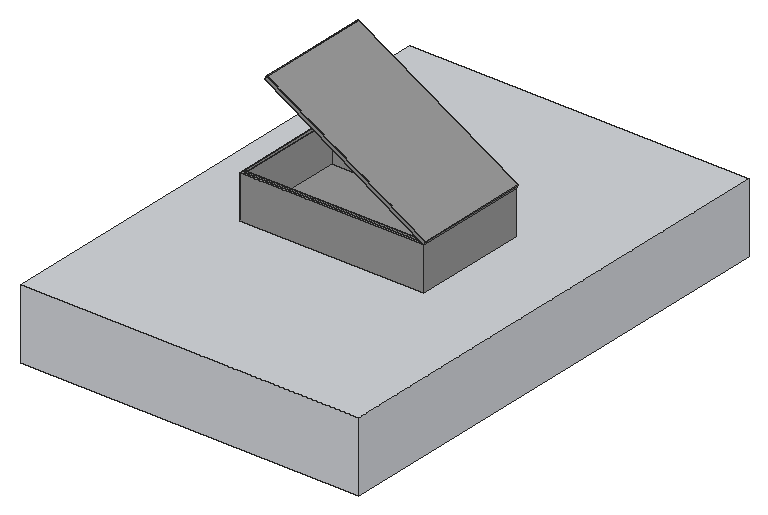
Revit family "Hager-Univers-IP44-D205-Cl.I-H500_Base-CH-fr", category Equipement électrique, Revit 2020
Family settings
  Hôte = Face
  Configuration du panneau = Deux colonnes, circuits au sein
  Cote de connecteur circulaire = Utiliser le diamètre
  Type d'élément = Tableau de raccordement
  Couper avec des vides une fois chargée = Non
  Partagée = Non
  Point de calcul de pièce = Non
Parameters (values of type "saillie IP44 L800 H500 P205  - ZB013T")
  Width Control [instance] = if([EF000008 - largeur] > Min Width, [EF000008 - largeur], Min Width)  # 800 mm
  Commentaires du type = [HG000003 - Gamme]  # "Univers"
  Thickness Door [instance] = if([EF009171 - épaisseur de matériau de la porte/du couvercle] > 3 mm, 3 mm, [EF009171 - épaisseur de matériau de la porte/du couvercle])  # 1 mm
  Seal Frame Offset [instance] = 17 mm  # constant formula
  Plinth Visibility [instance] = [HG000027 - Hauteur du socle] > 0 mm  # no
  Model = ""
  Min Width [instance] = 100 mm  # constant formula
  Min Height [instance] = 100 mm  # constant formula
  Min Depth [instance] = (2 * [EF009170 - épaisseur de matériau du boîtier]) + 1 mm  # 3 mm
  Internal Frame Depth [instance] = (Door System Depth * 0.5)  # 9 mm
  Height Control [instance] = if([EF000040 - hauteur] > Min Height, [EF000040 - hauteur], Min Height)  # 500 mm
  HG000027 - Hauteur du socle = 0 mm
  HG000026 - Installation au sol = no
  HG000024 - Hauteur de la section basse = 800 mm
  HG000023 - Armoire double section = no
  HG000016 - Visibilité de la porte 3D [instance] = yes
  HG000015 - Visibilité de l'emprise de la porte [instance] = no
  HG000014 - Porte à droite [instance] = yes
  HG000013 - Porte à gauche [instance] = not([HG000014 - Porte à droite])  # no
  HG000012 - Angle de pivotement de la porte [instance] = 30.00°
  HG000010 - Portes asymétriques = no
  HG000009 - Porte à double battant = no
  HG000006 - Encastré = no
  HG000004 - Référence fabricant = "ZB013T"
  HG000003 - Gamme = "Univers"
  HG000002 - avec porte = yes
  Frame Offset Bottom [instance] = 10 mm  # constant formula
  Frame Offset [instance] = 15 mm  # constant formula
  EF015940 - couvercle avec décharge de pression = no
  EF011959 - degré de protection (NEMA) = ""
  EF009554 - nombre d'ouvertures pour plaques à bride = 0
  Fabricant = "Hager"  # constant formula
  EF009212 - finition du couvercle = "EV000116 - fermé"
  EF009171 - épaisseur de matériau de la porte/du couvercle = 1 mm
  EF009170 - épaisseur de matériau du boîtier = 1 mm
  EF008873 - courant nominal (In) = 250 A
  EF007800 - adapté à un parafoudre = no
  EF006306 - avec serrure = no
  EF006244 - couvercle/porte transparent(e) = no
  EF005474 - indice de protection (IP) = "EV006418 - IP44"
  EF004464 - type de porte = "EV003602 - double"
  EF004427 - nombre de modules = 0
  EF004293 - indice de protection contre les chocs (IK) = "EV006815 - IK09"
  EF003532 - convient pour utilisation à l’extérieur = no
  EF002950 - largeur en nombre de modules = 0
  EF001613 - maintien de fonction = "EV000494 - sans"
  EF001596 - matériau du boîtier/corps = "EV000179 - acier"
  EF001131 - profondeur intérieure = 0 mm
  EF001088 - possibilité de montage en saillie = yes
  EF000437 - nombre d'entrées de conduit = 0
  EF000339 - type de capot = "EV004216 - porte"
  EF000266 - nombre de rangées = 0
  EF000218 - profondeur d'encastrement = 0 mm
  EF000118 - avec cadre/support de montage = no
  EF000116 - numéro RAL = "9010"
  EF000049 - profondeur = 205 mm
  EF000040 - hauteur = 500 mm
  EF000008 - largeur = 800 mm
  EF000007 - couleur = "EV000202 - blanc"
  EF000003 - mode de pose = "EV000384 - saillie"
  Door System Leaf Tolerance [instance] = 1.5 mm  # constant formula
  Door System Depth [instance] = 18 mm  # constant formula
  Door Height [instance] = Height Control - [HG000027 - Hauteur du socle]  # 500 mm
  Depth Control [instance] = if([EF000049 - profondeur] > Min Depth, [EF000049 - profondeur], Min Depth)  # 205 mm
  Default Elevation = 0 mm
  Connector Offset [instance] = Height Control / 2  # 250 mm
  Bottom Top Plate Trim [instance] = 1.5 mm  # constant formula
  Plinth height Ctrl [instance] = if([HG000027 - Hauteur du socle] > 0 mm, [HG000027 - Hauteur du socle], 12 mm)  # 12 mm
Types (2, lengths in mm): name | Width Control | HG000004 - Référence fabricant | EF004464 - type de porte | EF000008 - largeur
  saillie IP44 L550 H500 P205  - ZB012T | 550 | "ZB012T" | "EV002646 - unique" | 550
  saillie IP44 L800 H500 P205  - ZB013T | 800 | "ZB013T" | "EV003602 - double" | 800
Reference planes
  plane 1 "Center (Front/Back)": y = 0
  plane 2: z = 0
  plane 3 "Center (Left/Right)": x = 0
  plane 4: z = 205
  plane 5: y = 1
  plane 6: y = 250
  plane 7: y = 0
  plane 8: y = 500
  plane 9: z = 0
  plane 10: x = -385
  plane 11: x = 385
  plane 12: x = 384
  plane 13: x = -384
  plane 14: y = 499
  plane 15: x = -383
  plane 16: x = -400
  plane 17: x = 383
  plane 18: x = 400
  plane 19: x = 399
  plane 20: x = -399
  plane 21: y = 11
  plane 22: y = 500
  plane 23: y = 484
  plane 24: z = 187
  plane 25: z = 1
  plane 26: z = 186
  plane 27: z = 204
Forms (mm)
  Extrusion 1, solid
    sketch origin (0, 0, 0) x (1, 0, 0) y (0, 1, 0)
      loop
        line (-702.964, 1305) -> (-702.964, -811.445) -> (766.763, -811.445) -> (766.763, 1305) -> (-702.964, 1305)
    from 0 to -304.8
  Extrusion 2, solid, material "Hager_Steel_RAL7035_Light_Grey", visible <- "Plinth Visibility", detail levels medium+fine
    sketch origin (0, 0, 0) x (1, 0, 0) y (0, 1, 0)
      loop
        line (-400, 0) -> (400, 0) -> (400, 12) -> (-400, 12) -> (-400, 0)
    from 0 to 187
  Extrusion 3, solid, material "Hager_Steel_RAL7035_Light_Grey", detail levels medium+fine
    sketch origin (0, 0, 0) x (1, 0, 0) y (0, 1, 0)
      loop
        line (-400, 0) -> (400, 0) -> (400, 500) -> (-400, 500) -> (-400, 0)
    from 0 to 187
  Extrusion 4, void
    sketch origin (0, 0, 0) x (1, 0, 0) y (0, 1, 0)
      loop
        line (-399, 1) -> (399, 1) -> (399, 499) -> (-399, 499) -> (-399, 1)
    from 1 to 186
  Extrusion 5, void
    sketch origin (-381.607, -4572, 187) x (0, -1, 0) y (-1, 0, 0)
      loop
        line (-4583, 2.393) -> (-5056, 2.393) -> (-5056, -765.607) -> (-4583, -765.607) -> (-4583, 2.393)
    from 0 to 1 <- "EF009170 - épaisseur de matériau du boîtier"
  Extrusion 6, solid, material "Hager_Steel_RAL7035_Light_Grey", detail levels fine
    sketch origin (0, 0, 187) x (1, 0, 0) y (0, 1, 0)
      loop
        line (-384, 484) -> (-384, 11) -> (384, 11) -> (384, 484) -> (-384, 484)
      loop
        line (-385, 10) -> (385, 10) -> (385, 485) -> (-385, 485) -> (-385, 10)
    from 0 to 9 <- "Internal Frame Depth"
  Extrusion 7, solid, material "Hager_Steel_RAL7035_Light_Grey", detail levels coarse
    sketch origin (0, 0, 0) x (1, 0, 0) y (0, 1, 0)
      loop
        line (-400, 0) -> (400, 0) -> (400, 500) -> (-400, 500) -> (-400, 0)
    from 0 to 205
  Sweep 8, void
    path in 3D
      loop
        line (-400, 12, 0) -> (400, 12, 0) -> (400, 12, 187) -> (-400, 12, 187) -> (-400, 12, 0)
    profile origin (-400, 12, 93.5) x (-1, 0, 0) y (0, -1, 0)
      loop
        line (0, 0) -> (0, 1.5) -> (-1.5, 1.5)
        arc (-1.5, 1.5) -> (-1.061, 0.439) -> (0, 0) r 1.5
Cuts and joins
  Extrusion 4, Extrusion 5 cuts Extrusion 3
  Sweep 8 cuts Extrusion 2
Lines and regions (mm)
  Masking region 1
    outline origin (0, 0, 0) x (1, 0, 0) y (0, 0, 1)
      loop
        line (-400, 205) -> (-400, 0) -> (400, 0) -> (400, 205) -> (-400, 205)
  Masking region 2, detail levels medium+fine
    outline origin (0, 140, 0) x (0, 1, 0) y (0, 0, 1)
      loop
        line (-140, 0) -> (360, 0) -> (360, 187) -> (-140, 187) -> (-140, 0)
  Masking region 3, not visible, detail levels medium+fine
    outline origin (0, 297.922, 0) x (0, 1, 0) y (0, 0, 1)
      loop
        line (-36.422, 0) -> (3.578, 0) -> (3.578, 194)
        arc (3.578, 194) -> (0.649, 201.071) -> (-6.422, 204) r 10
        line (-6.422, 204) -> (-36.422, 204) -> (-36.422, 0)
  Masking region 4, detail levels coarse
    outline origin (0, 0, 180) x (0, 1, 0) y (0, 0, 1)
      loop
        line (0, -180) -> (500, -180) -> (500, 25) -> (0, 25) -> (0, -180)
  Masking region 5, visible <- "Plinth Visibility", detail levels medium+fine
    outline origin (0, 52.24, 12.345) x (0, 0, -1) y (0, 1, 0)
      loop
        line (10.845, -40.24) -> (-173.155, -40.24)
        arc (-173.155, -40.24) -> (-173.594, -41.301) -> (-174.655, -41.74) r 1.5
        line (-174.655, -41.74) -> (-174.655, -52.24) -> (12.345, -52.24) -> (12.345, -41.74)
        arc (12.345, -41.74) -> (11.285, -41.301) -> (10.845, -40.24) r 1.5
  Masking region 6, detail levels medium+fine
    outline origin (-381.607, -4572, 187) x (-1, 0, 0) y (0, -1, 0)
      loop
        line (18.393, -5072) -> (18.393, -4572) -> (-781.607, -4572) -> (-781.607, -5072) -> (18.393, -5072)
  Masking region 7, visible <- "Plinth Visibility", detail levels medium+fine
    outline origin (-381.607, -4727, 187) x (-1, 0, 0) y (0, -1, 0)
      loop
        arc (16.893, -4739) -> (17.332, -4737.939) -> (18.393, -4737.5) r 1.5
        line (18.393, -4737.5) -> (18.393, -4727) -> (-781.607, -4727) -> (-781.607, -4737.5)
        arc (-781.607, -4737.5) -> (-780.546, -4737.939) -> (-780.107, -4739) r 1.5
        line (-780.107, -4739) -> (16.893, -4739)
  Masking region 8, detail levels coarse
    outline origin (-442.548, -4669.526, 187) x (-1, 0, 0) y (0, -1, 0)
      loop
        line (-42.548, -5169.526) -> (-42.548, -4669.526) -> (-842.548, -4669.526) -> (-842.548, -5169.526) -> (-42.548, -5169.526)
  sketch lines
    curve 1: line (-400, 12, 187) -> (-400, 12, 0)
    curve 2: line (400, 12, 187) -> (-400, 12, 187)
    curve 3: line (400, 12, 187) -> (400, 12, 0)
    curve 4: line (-400, 12, 0) -> (400, 12, 0)
Dimensions and locks
  "Depth Control": plane 4 to Extrusion 1
  "HG000027 - Hauteur du socle": plane 1 "Center (Front/Back)" to plane 7
  "EF009170 - épaisseur de matériau du boîtier": plane 5 to plane 7
  locked: connector elem to plane 3 "Center (Left/Right)"
  equal spacing: plane 8, plane 6, plane 7
  locked: connector elem to plane 6
  "EF009170 - épaisseur de matériau du boîtier": plane 8 to plane 14
  "EF009170 - épaisseur de matériau du boîtier": plane 10 to plane 13
  "EF009170 - épaisseur de matériau du boîtier": plane 12 to plane 11
  "Frame Offset": plane 20 to plane 13
  "Frame Offset": plane 12 to plane 19
  "EF009170 - épaisseur de matériau du boîtier": plane 16 to plane 20
  "EF009170 - épaisseur de matériau du boîtier": plane 19 to plane 18
  "Seal Frame Offset": plane 16 to plane 15
  "Seal Frame Offset": plane 17 to plane 18
  "Frame Offset Bottom": plane 21 to plane 5
  "Frame Offset": plane 14 to plane 23
  equal spacing: plane 16, plane 3 "Center (Left/Right)", plane 18
  "Width Control": plane 16 to plane 18
  "EF009170 - épaisseur de matériau du boîtier": plane 4 to plane 27
  "EF009170 - épaisseur de matériau du boîtier": plane 24 to plane 26
  "EF009170 - épaisseur de matériau du boîtier": plane 25 to level
  "Door System Depth": plane 4 to plane 24
  "Height Control": plane 1 "Center (Front/Back)" to Extrusion 7 sketch curve
  "Height Control": Masking region 4 sketch curve to plane 1 "Center (Front/Back)"
  "Height Control": plane 1 "Center (Front/Back)" to plane 22
  "Bottom Top Plate Trim": profile plane to Sweep 8 sketch curve
  "Bottom Top Plate Trim": Sweep 8 sketch curve to profile plane
  "Plinth height Ctrl": plane 1 "Center (Front/Back)" to Extrusion 2 sketch curve
  "Plinth height Ctrl": Masking region 5 sketch curve to plane 1 "Center (Front/Back)"
  "Plinth height Ctrl": plane 1 "Center (Front/Back)" to Masking region 7 sketch curve
  "Thickness Door": Extrusion 6 sketch curve to Extrusion 6 sketch curve  (x3)
  "Thickness Door": cut or joined group of Extrusion 3, Extrusion 4, Extrusion 5 to Extrusion 6 sketch curve
  radius of Masking region 3 sketch curve = 10 mm
  "Bottom Top Plate Trim": radius of Masking region 5 sketch curve  (x2)
  "Bottom Top Plate Trim": radius of Sweep 8 sketch curve
  "Bottom Top Plate Trim": radius of Masking region 7 sketch curve  (x2)
  aligned and locked: plane 2 to Extrusion 1
  aligned and locked: level to Extrusion 1
  aligned and locked: level to Masking region 1 sketch curve
  aligned and locked: Masking region 1 sketch curve to plane 18
  aligned and locked: Masking region 1 sketch curve to plane 16
  aligned and locked: plane 7 to Masking region 2 sketch curve
  aligned and locked: level to Masking region 3 sketch curve
  aligned and locked: Masking region 3 sketch curve to plane 27
  aligned and locked: level to Masking region 2 sketch curve
  aligned and locked: plane 1 "Center (Front/Back)" to Extrusion 2 sketch curve
  aligned and locked: Extrusion 3 sketch curve to plane 7
  aligned and locked: plane 16 to Extrusion 3 sketch curve
  aligned and locked: plane 18 to Extrusion 3 sketch curve
  aligned and locked: plane 20 to Extrusion 4 sketch curve
  aligned and locked: plane 19 to Extrusion 4 sketch curve
  aligned and locked: Extrusion 4 sketch curve to plane 5
  aligned and locked: Extrusion 4 to plane 25
  aligned and locked: plane 26 to Extrusion 4
  aligned and locked: plane 24 to Extrusion 3
  aligned and locked: Extrusion 5 sketch curve to plane 21
  aligned and locked: Extrusion 5 sketch curve to plane 13
  aligned and locked: Extrusion 5 sketch curve to plane 12
  aligned and locked: plane 18 to Extrusion 7 sketch curve
  aligned and locked: plane 1 "Center (Front/Back)" to Extrusion 7 sketch curve
  aligned and locked: plane 16 to Extrusion 7 sketch curve
  aligned and locked: plane 4 to Extrusion 7
  aligned and locked: Extrusion 7 to level
  aligned and locked: level to Masking region 4 sketch curve
  aligned and locked: Masking region 4 sketch curve to plane 1 "Center (Front/Back)"
  aligned and locked: Masking region 4 sketch curve to plane 4
  aligned and locked: nested 1 to level
  aligned and locked: nested 1 to plane 16
  aligned and locked: plane 8 to Extrusion 3 sketch curve
  aligned and locked: plane 23 to Extrusion 5 sketch curve
  aligned and locked: plane 14 to Extrusion 4 sketch curve
  aligned and locked: Masking region 2 sketch curve to plane 8
  aligned and locked: level to Masking region 5 sketch curve
  aligned and locked: plane 16 to Extrusion 2 sketch curve
  aligned and locked: plane 18 to Extrusion 2 sketch curve
  aligned and locked: Masking region 5 sketch curve to plane 24
  aligned and locked: Masking region 2 sketch curve to plane 24
  aligned and locked: plane 24 to Extrusion 2
  aligned and locked: profile plane to Sweep 8 sketch curve  (x2)
  aligned and locked: Masking region 6 sketch curve to plane 18
  aligned and locked: Masking region 6 sketch curve to plane 22
  aligned and locked: Masking region 6 sketch curve to plane 16
  aligned and locked: plane 8 to plane 22
  aligned and locked: Masking region 6 sketch curve to plane 7
  aligned and locked: Masking region 7 sketch curve to plane 16
  aligned and locked: Masking region 7 sketch curve to plane 1 "Center (Front/Back)"
  aligned and locked: Masking region 7 sketch curve to plane 18
  aligned and locked: Masking region 8 sketch curve to plane 1 "Center (Front/Back)"
  aligned and locked: Masking region 8 sketch curve to plane 18
  aligned and locked: Masking region 8 sketch curve to plane 22
  aligned and locked: Masking region 8 sketch curve to plane 16
  aligned and locked: nested 2 to plane 7
  aligned and locked: plane 3 "Center (Left/Right)" to nested 2
  aligned and locked: nested 2 to plane 24
  aligned and locked: Extrusion 6 sketch curve to cut or joined group of Extrusion 3, Extrusion 4, Extrusion 5  (x4)
Automatic sketch dimensions
  Extrusion 1 sketch curve to Extrusion 1 sketch curve = 1469.727 mm
  Extrusion 1 sketch curve to Extrusion 1 sketch curve = 2116.445 mm
  Masking region 1 sketch curve to plane 4 = 0 mm
  plane 6 to Masking region 3 sketch curve = 11.5 mm
  Masking region 3 sketch curve to Masking region 3 sketch curve = 30 mm
  Masking region 5 sketch curve to plane 1 "Center (Front/Back)" = 0 mm
Nested families
  nested 1: "Hager_Enclosure_Symbol" at (-400, 0, 0) x (1, 0, 0) z (0, -1, 0), Height <- "Depth Control", Width <- "Width Control", type "Hager_Enclosure_Symbol"
    with Width_Ctrl 800 mm, Width 800 mm, Height_Ctrl 205 mm, Height 205 mm, A_Width_Int 13.453 mm, A_Width 161.438 mm, A_Height_Ctrl 179.375 mm, A_Height 179.375 mm
  nested 2: "EC000058_Univers_Door" at (0, 0, 187) x (1, 0, 0) z (0, 1, 0), Leaf_Tolerance <- "Door System Leaf Tolerance", Angle <- "HG000012 - Angle de pivotement de la porte", Door_Depth <- "Door System Depth", Door_Left <- "HG000013 - Porte à gauche", Transparent <- "EF006244 - couvercle/porte transparent(e)", Assymetrical <- "HG000010 - Portes asymétriques", Width <- "Width Control", Clearance <- "HG000015 - Visibilité de l'emprise de la porte", Double <- "HG000009 - Porte à double battant", 3d_Door <- "HG000016 - Visibilité de la porte 3D", Lock_Visibility <- "EF006306 - avec serrure", Width_Ctrl <- "Width Control", Door_Right <- "HG000014 - Porte à droite", Door <- "HG000002 - avec porte", Height <- "Door Height", Thickness <- "Thickness Door", type "EC000058_Univers_Door", detail levels medium+fine
    with min_wh 3 mm, Width_Ctrl 800 mm, Width 800 mm, Transparent no, Thickness 1 mm, Seal_Material Hager_Rubber, Lock_Visibility no, Lock_Material Hager_Plastic_RAL9005_Jet_Black, Leaf_Width 800 mm, Leaf_Tolerance_External_Sides 0 mm, Leaf_Tolerance 1.5 mm, Leaf_Offset 0 mm, Leaf_Height 497 mm, Leaf_2_Width 800 mm, Leaf_2_Offset 400 mm, Leaf_1_Width 800 mm, Leaf_1_Offset 400 mm, Height_Ctrl 500 mm, Height 500 mm, Glass_Material Hager_Glass, Double_Clearance_Ctrl no, Double no, Door_Right_Ctrl yes, Door_Right yes, Door_Material Hager_Steel_RAL7035_Light_Grey, Door_Left_Ctrl no, Door_Left no, Door_Depth 18 mm, Door yes, Clearance_Material Hager_Clearance, Clearance_Depth 800 mm, Clearance_Ctrl no, Clearance no, Assymetrical no, Angle 30.00°, 3d_Door yes
Connectors
  electrical at (0, 250, 0)
    settings: on plane 9, index 1, voltage 0 V, apparent load 0 VA, apparent load phase1 0 VA, apparent load phase2 0 VA, apparent load phase3 0 VA, power factor 1, load classification "Other", number of poles 1, system type 30, power factor state 1, is connector primary yes, connector utility no, sub classification motor no, connector description ""
Definition of nested family "EC000058_Univers_Door"
  Parameters (values of type "EC000058_Univers_Door")
    min_wh [instance] = (2 * Thickness) + 1 mm  # 11 mm
    Width_Ctrl [instance] = 400 mm
    Width [instance] = 500 mm
    Transparent [instance] = yes
    Thickness [instance] = 5 mm
    Seal_Material [instance] = none
    Lock_Visibility [instance] = yes
    Lock_Material [instance] = none
    Leaf_Width [instance] = if((Width_Ctrl - 2 * Leaf_Tolerance_External_Sides) > 0 mm, (Width_Ctrl - 2 * Leaf_Tolerance_External_Sides), min_wh)  # 400 mm
    Leaf_Tolerance_External_Sides [instance] = 0 mm  # constant formula
    Leaf_Tolerance [instance] = 1.5 mm
    Leaf_Offset [instance] = 0 mm  # constant formula
    Leaf_Height [instance] = if((Height_Ctrl - 2 * Leaf_Tolerance) > 0 mm, (Height_Ctrl - 2 * Leaf_Tolerance), min_wh)  # 497 mm
    Leaf_2_Width [instance] = if(and(and(Double, Assymetrical), Door_Left), (Leaf_Width / 3) - (Leaf_Tolerance / 2), if(and(and(Double, Assymetrical), Door_Right), (Leaf_Width / 3) * 2 - (Leaf_Tolerance / 2), if(and(Double, not(Assymetrical)), (Leaf_Width / 2) - Leaf_Tolerance, Leaf_Width)))  # 400 mm
    Leaf_2_Offset [instance] = if(and(Double, Assymetrical), Leaf_2_Width / 2, if(and(Double, not(Assymetrical)), Leaf_Width / 4, Leaf_Width / 2))  # 200 mm
    Leaf_1_Width [instance] = if(and(and(Double, Assymetrical), Door_Right), (Leaf_Width / 3) - (Leaf_Tolerance / 2), if(and(and(Double, Assymetrical), Door_Left), (Width / 3) * 2 - (Leaf_Tolerance / 2), if(and(Double, not(Assymetrical)), (Leaf_Width / 2) - Leaf_Tolerance, Leaf_Width)))  # 400 mm
    Leaf_1_Offset [instance] = if(and(Double, Assymetrical), Leaf_1_Width / 2, if(and(Double, not(Assymetrical)), Leaf_Width / 4, Leaf_Width / 2))  # 200 mm
    Height_Ctrl [instance] = if(Height > min_wh, Height, min_wh)  # 500 mm
    Height [instance] = 500 mm
    Glass_Material [instance] = none
    Double_Clearance_Ctrl [instance] = and(Double, Clearance)  # no
    Double [instance] = no
    Door_Right_Ctrl [instance] = and(or(Door_Right, Double), Door)  # yes
    Door_Right [instance] = yes
    Door_Material [instance] = none
    Door_Left_Ctrl [instance] = and(or(Door_Left, Double), Door)  # no
    Door_Left [instance] = no
    Door_Depth [instance] = 30 mm
    Door [instance] = yes
    Default Elevation = 1219.2 mm
    Clearance_Material [instance] = none
    Clearance_Depth [instance] = if(Leaf_1_Width > Leaf_2_Width, Leaf_1_Width, Leaf_2_Width)  # 400 mm
    Clearance_Ctrl [instance] = and(not(Double), Clearance)  # yes
    Clearance [instance] = yes
    Assymetrical [instance] = yes
    Angle [instance] = 30.00°
    3d_Door [instance] = yes
  Reference planes
    plane 1 "Center (Front/Back)": y = 0
    plane 2 "Bottom": z = 0
    plane 3 "Center (Left/Right)": x = 0
    plane 4: z = 500
    plane 5: x = -200
    plane 6: x = 200
    plane 7: z = 500
    plane 8: x = -200
    plane 9: z = 0
    plane 10: x = 200
    plane 11: y = 0
    plane 12: z = 1.5
    plane 13: x = -600
    plane 14: y = -400
    plane 15: x = 600
    plane 16: x = 0
    plane 17: x = 0
    plane 18: x = -200
    plane 19: x = 200
    plane 20: z = 498.5
  Forms (mm)
    Extrusion 1, solid, material <- "Clearance_Material", visible <- "Double_Clearance_Ctrl"
      sketch origin (1200, 0, 0) x (1, 0, 0) y (0, 0, -1)
        loop
          line (-1800, -498.5) -> (-600, -498.5) -> (-600, 0) -> (-1800, 0) -> (-1800, -498.5)
      from 0 to -400
  Dimensions and locks
    equal spacing: plane 5, plane 3 "Center (Left/Right)", plane 6
    "Width_Ctrl": plane 5 to plane 6
    "Leaf_Offset": plane 5 to plane 8
    "Leaf_Offset": plane 6 to plane 10
    "Leaf_Offset": plane 9 to level
    "Leaf_Offset": plane 4 to plane 7
    "Height_Ctrl": plane 4 to level
    "Leaf_Tolerance": plane 12 to plane 9
    locked: plane 11 to plane 1 "Center (Front/Back)"
    "Leaf_1_Offset": plane 18 to plane 16
    "Leaf_2_Offset": plane 17 to plane 19
    "Leaf_1_Width": plane 13 to plane 8
    "Leaf_2_Width": plane 10 to plane 15
    "Clearance_Depth": plane 14 to plane 1 "Center (Front/Back)"
    "Leaf_Tolerance_External_Sides": plane 8 to plane 18
    "Leaf_Tolerance_External_Sides": plane 19 to plane 10
    "Leaf_Tolerance": plane 7 to plane 20
    aligned and locked: level to plane 2 "Bottom"
    aligned and locked: nested 1 to plane 16
    aligned and locked: nested 2 to plane 17
    aligned and locked: Extrusion 1 to plane 13
    aligned and locked: plane 15 to Extrusion 1
    aligned and locked: Extrusion 1 to plane 14
    aligned and locked: plane 12 to nested 1
    aligned and locked: nested 2 to plane 12
    aligned and locked: Extrusion 1 to plane 11
    aligned and locked: plane 20 to Extrusion 1
    aligned and locked: nested 2 to plane 11
    aligned and locked: nested 1 to plane 11
  Automatic sketch dimensions
    Extrusion 1 sketch curve to level = 0 mm
    plane 5 to Extrusion 1 sketch curve = 400 mm
    plane 6 to Extrusion 1 sketch curve = 400 mm
    Extrusion 1 sketch curve to plane 4 = 1.5 mm
  Nested families
    nested 1: "EC000058_Univers_Door_Leaf" at (0, 0, 1.5), Width <- "Leaf_1_Width", visible <- "Door_Left_Ctrl", Leaf_Height <- "Leaf_Height", Angle <- "Angle", 3d_Door <- "3d_Door", Transparent <- "Transparent", Clearance Material <- "Clearance_Material", Clearance <- "Clearance_Ctrl", Door_Material <- "Door_Material", Glass_Material <- "Glass_Material", Door_Depth <- "Door_Depth", Lock_Material <- "Lock_Material", Seal_Material <- "Seal_Material", Lock_Visibility <- "Lock_Visibility", Thickness <- "Thickness", type "EC000058_Univers_Door_Leaf"
      with Width 400 mm, Transparent_Glass_Offset 30 mm, Transparent_Ctrl yes, Transparent yes, Thickness 5 mm, Standard no, Seal_Material none, Seal_D2 8 mm, Seal_D1 1 mm, Offset_Internal_Frame 10 mm, Lock_Width 20 mm, Lock_Visibility_3d yes, Lock_Visibility yes, Lock_Thickness_3 3 mm, Lock_Thickness_2 1 mm, Lock_Thickness_1 3 mm, Lock_Radius_Offset_2 16 mm, Lock_Radius_Offset_1 15 mm, Lock_Radius_2 5 mm, Lock_Radius 6 mm, Lock_Offset 5 mm, Lock_Material none, Lock_Height 80 mm, Lock_Cover_Top_Offset_2d 17 mm, Lock_Cover_Height -65 mm, Leaf_Height 497 mm, Internal_Seal_Thickness 8 mm, Internal_Seal_Depth_2 4.5 mm, Internal_Frame_Depth 25 mm, Glass_Thickness -1 mm, Glass_Offset -2 mm, Glass_Material none, Door_Material none, Door_Depth 30 mm, Clearance Material none, Clearance yes, Angle_Ctrl 30.00°, Angle 30.00°, 3d_Door yes
    nested 2: "EC000058_Univers_Door_Leaf" at (0, 0, 1.5) x (-1, 0, 0) z (0, 0, 1), Width <- "Leaf_2_Width", visible <- "Door_Right_Ctrl", Leaf_Height <- "Leaf_Height", Angle <- "Angle", 3d_Door <- "3d_Door", Transparent <- "Transparent", Clearance Material <- "Clearance_Material", Clearance <- "Clearance_Ctrl", Door_Material <- "Door_Material", Glass_Material <- "Glass_Material", Door_Depth <- "Door_Depth", Lock_Material <- "Lock_Material", Seal_Material <- "Seal_Material", Lock_Visibility <- "Lock_Visibility", Thickness <- "Thickness", type "EC000058_Univers_Door_Leaf"
      with Width 400 mm, Transparent_Glass_Offset 30 mm, Transparent_Ctrl yes, Transparent yes, Thickness 5 mm, Standard no, Seal_Material none, Seal_D2 8 mm, Seal_D1 1 mm, Offset_Internal_Frame 10 mm, Lock_Width 20 mm, Lock_Visibility_3d yes, Lock_Visibility yes, Lock_Thickness_3 3 mm, Lock_Thickness_2 1 mm, Lock_Thickness_1 3 mm, Lock_Radius_Offset_2 16 mm, Lock_Radius_Offset_1 15 mm, Lock_Radius_2 5 mm, Lock_Radius 6 mm, Lock_Offset 5 mm, Lock_Material none, Lock_Height 80 mm, Lock_Cover_Top_Offset_2d 17 mm, Lock_Cover_Height -65 mm, Leaf_Height 497 mm, Internal_Seal_Thickness 8 mm, Internal_Seal_Depth_2 4.5 mm, Internal_Frame_Depth 25 mm, Glass_Thickness -1 mm, Glass_Offset -2 mm, Glass_Material none, Door_Material none, Door_Depth 30 mm, Clearance Material none, Clearance yes, Angle_Ctrl 30.00°, Angle 30.00°, 3d_Door yes
  Definition of nested family "EC000058_Univers_Door_Leaf"
    Parameters (values of type "EC000058_Univers_Door_Leaf")
      Width [instance] = 2000 mm
      Transparent_Glass_Offset [instance] = 30 mm
      Transparent_Ctrl [instance] = and(Transparent, [3d_Door])  # yes
      Transparent [instance] = yes
      Thickness [instance] = 5 mm
      Standard [instance] = and(not(Transparent), [3d_Door])  # no
      Seal_Material [instance] = none
      Seal_D2 [instance] = 8 mm  # constant formula
      Seal_D1 [instance] = 1 mm  # constant formula
      Offset_Internal_Frame [instance] = 10 mm  # constant formula
      Lock_Width [instance] = 20 mm  # constant formula
      Lock_Visibility_3d [instance] = and(Lock_Visibility, [3d_Door])  # yes
      Lock_Visibility [instance] = yes
      Lock_Thickness_3 [instance] = 3 mm  # constant formula
      Lock_Thickness_2 [instance] = 1 mm  # constant formula
      Lock_Thickness_1 [instance] = 3 mm  # constant formula
      Lock_Radius_Offset_2 [instance] = Lock_Radius_Offset_1 + 1 mm  # 16 mm
      Lock_Radius_Offset_1 [instance] = 15 mm  # constant formula
      Lock_Radius_2 [instance] = Lock_Radius - 1 mm  # 5 mm
      Lock_Radius [instance] = 6 mm  # constant formula
      Lock_Offset [instance] = 5 mm  # constant formula
      Lock_Material [instance] = none
      Lock_Height [instance] = 80 mm  # constant formula
      Lock_Cover_Top_Offset_2d [instance] = Lock_Radius_Offset_2 + 1 mm  # 17 mm
      Lock_Cover_Height [instance] = -(Lock_Height - Lock_Radius_Offset_1)  # -65 mm
      Leaf_Height [instance] = 2720.336 mm
      Internal_Seal_Thickness [instance] = 8 mm  # constant formula
      Internal_Seal_Depth_2 [instance] = 4.5 mm  # constant formula
      Internal_Frame_Depth [instance] = if(Door_Depth - Thickness > 5 mm, Door_Depth - Thickness, 5 mm)  # 25 mm
      Glass_Thickness [instance] = if(Thickness > 15 mm, Glass_Offset + 10 mm, -1 mm)  # -1 mm
      Glass_Offset [instance] = if(Thickness > 15 mm, -(Thickness + 10 mm) / 2, -2 mm)  # -2 mm
      Glass_Material [instance] = none
      Door_Material [instance] = none
      Door_Depth [instance] = 30 mm
      Default Elevation = 0 mm
      Clearance Material [instance] = none
      Clearance [instance] = yes
      Angle_Ctrl [instance] = if(Angle > 180.00°, 180.00°, Angle)  # 90.00°
      Angle [instance] = 90.00°
      3d_Door [instance] = yes
    Reference planes
      plane 1 "Center (Front/Back)": y = 0
      plane 2: z = 0
      plane 3 "Center (Left/Right)": x = 0
      plane 4: y = 2000
      plane 5: x = -1000
      plane 6: x = 1000
      plane 7: x = -3000
      plane 8: z = 2720.336
      plane 9: z = 30
      plane 10: z = 2690.336
      plane 11: x = 970
      plane 12: x = -970
      plane 13: y = -3
      plane 14: z = 107.833
      plane 15: y = -5
      plane 16: y = -223.314
      plane 17: x = -1000
      plane 18: z = 1360.168
      plane 19: y = 30
    Forms (mm)
      Extrusion 1, solid, material <- "Clearance Material", visible <- "Clearance"
        sketch origin (0, 0, 0) x (1, 0, 0) y (0, 0, 1)
          loop
            line (-3000, 2720.336) -> (-3000, 0) -> (1000, 0) -> (1000, 2720.336) -> (-3000, 2720.336)
        from 0 to -2000
      Extrusion 2, solid, material <- "Door_Material", visible <- "Standard", detail levels medium+fine
        sketch origin (-1000, 0, 0) x (0, 1, 0) y (-1, 0, 0)
          loop
            line (0, 30) -> (0, 25) -> (2000, 25) -> (2000, 30) -> (0, 30)
        from 0 to 2720.336 <- "Leaf_Height"
      Extrusion 3, solid, material <- "Door_Material", visible <- "Transparent_Ctrl", detail levels medium+fine
        sketch origin (-1000, 0, 0) x (0, 1, 0) y (-1, 0, 0)
          loop
            line (0, 25) -> (2000, 25) -> (2000, 30) -> (0, 30) -> (0, 25)
        from 0 to 2720.336 <- "Leaf_Height"
      Extrusion 4, void
        sketch origin (-1025, 2000, 0) x (0, 1, 0) y (0, 0, -1)
          loop
            line (-30, -2690.336) -> (-30, -30) -> (-1970, -30) -> (-1970, -2690.336) -> (-30, -2690.336)
        from 0 to 5 <- "Thickness"
      Sweep 5, solid, material <- "Seal_Material", visible <- "Transparent_Ctrl", detail levels fine
        path in 3D
          loop
            line (-1025, 30, 30) -> (-1025, 30, 2690.336) -> (-1025, 1970, 2690.336) -> (-1025, 1970, 30) -> (-1025, 30, 30)
        profile origin (-1025, 1000, 30) x (1, 0, 0) y (0, 0, 1)
          loop
            line (0, 0) -> (0, -8) -> (1, -8) -> (1, 0) -> (0, 0)
      Extrusion 6, solid, material <- "Glass_Material", visible <- "Transparent_Ctrl", detail levels medium+fine
        sketch origin (-1030, 0, 0) x (0, 1, 0) y (0, 0, -1)
          loop
            line (1970, -2690.336) -> (1970, -30) -> (30, -30) -> (30, -2690.336) -> (1970, -2690.336)
        from -2 <- "Glass_Offset" to -1 <- "Glass_Thickness"
      Extrusion 7, solid, material <- "Door_Material", visible <- "3d_Door", detail levels medium+fine
        sketch origin (-1025, 2000, 0) x (0, -1, 0) y (0, 0, -1)
          loop
            line (0, -2720.336) -> (2000, -2720.336) -> (2000, 0) -> (0, 0) -> (0, -2720.336)
          loop
            line (1995, -5) -> (5, -5) -> (5, -2715.336) -> (1995, -2715.336) -> (1995, -5)
        from 0 to 25 <- "Internal_Frame_Depth"
      Sweep 8, solid, material <- "Seal_Material", visible <- "Transparent_Ctrl", detail levels fine
        path in 3D
          loop
            line (-1025, 0, 0) -> (-1025, 2000, 0) -> (-1025, 2000, 2720.336) -> (-1025, 0, 2720.336) -> (-1025, 0, 0)
        profile origin (-1025, 0, 1360.168) x (1, 0, 0) y (0, 1, 0)
          loop
            line (0, 10) -> (2.975, 10)
            arc (2.975, 10) -> (4.053, 10.447) -> (4.5, 11.525) r 1.525
            line (4.5, 11.525) -> (4.5, 16.527)
            arc (4.5, 16.527) -> (4.069, 17.569) -> (3.027, 18) r 1.473
            line (3.027, 18) -> (0, 18) -> (0, 10)
      Extrusion 9, solid, material <- "Lock_Material", visible <- "Lock_Visibility_3d", detail levels fine
        sketch origin (-1030, 0, 0) x (0, 1, 0) y (0, 0, -1)
          loop
            arc (1993.5, -1400.168) -> (1994.561, -1399.729) -> (1995, -1398.668) r 1.5
            line (1995, -1398.668) -> (1995, -1320.168) -> (1975, -1320.168) -> (1975, -1398.668)
            arc (1975, -1398.668) -> (1975.439, -1399.729) -> (1976.5, -1400.168) r 1.5
            line (1976.5, -1400.168) -> (1993.5, -1400.168)
        from 3 <- "Lock_Thickness_1" to 0
      Blend 10, solid, material <- "Lock_Material", visible <- "Lock_Visibility_3d", detail levels fine
        base sketch origin (-1033, 0, 0) x (0, 1, 0) y (0, 0, -1)
          loop
            line (1975, -1320.168) -> (1975, -1398.668)
            arc (1975, -1398.668) -> (1975.439, -1399.729) -> (1976.5, -1400.168) r 1.5
            line (1976.5, -1400.168) -> (1993.5, -1400.168)
            arc (1993.5, -1400.168) -> (1994.561, -1399.729) -> (1995, -1398.668) r 1.5
            line (1995, -1398.668) -> (1995, -1320.168) -> (1975, -1320.168)
        top sketch origin (-1033, 0, 0) x (0, 1, 0) y (0, 0, -1)
          loop
            line (1976, -1320.168) -> (1976, -1398.668)
            arc (1976, -1398.668) -> (1976.146, -1399.022) -> (1976.5, -1399.168) r 0.5
            line (1976.5, -1399.168) -> (1993.5, -1399.168)
            arc (1993.5, -1399.168) -> (1993.854, -1399.022) -> (1994, -1398.668) r 0.5
            line (1994, -1398.668) -> (1994, -1320.168) -> (1976, -1320.168)
        from 0 to 1 <- "Lock_Thickness_2"
      Blend 11, solid, material <- "Lock_Material", visible <- "Lock_Visibility_3d", detail levels fine
        base sketch origin (-1034, 0, 0) x (0, 1, 0) y (0, 0, -1)
          loop
            line (1978, -1320.168) -> (1978, -1384.168)
            arc (1978, -1384.168) -> (1985, -1391.168) -> (1992, -1384.168) r 7
            line (1992, -1384.168) -> (1992, -1320.168) -> (1978, -1320.168)
        top sketch origin (-1034, 0, 0) x (0, 1, 0) y (0, 0, -1)
          loop
            line (1991, -1320.168) -> (1979, -1320.168) -> (1979, -1383.168)
            arc (1979, -1383.168) -> (1985, -1389.168) -> (1991, -1383.168) r 6
            line (1991, -1383.168) -> (1991, -1320.168)
        from 0 to 3 <- "Lock_Thickness_3"
      Extrusion 12, solid, material <- "Lock_Material", visible <- "Lock_Visibility_3d", detail levels fine
        sketch origin (-1030, 1975, 1320.168) x (1, 0, 0) y (0, -1, 0)
          loop
            line (-7, -19) -> (-7, -1) -> (0, -1) -> (0, 0) -> (-8, 0) -> (-8, -20) -> (0, -20) -> (0, -19) -> (-7, -19)
        from 0 to -65 <- "Lock_Cover_Height"
      Extrusion 13, void
        sketch origin (-1038, 1995, 1320.168) x (-1, 0, 0) y (0, 0, -1)
          loop
            line (-5, -65) -> (0, -65) -> (-5, -60) -> (-5, -65)
        from 0 to 20 <- "Lock_Width"
      Extrusion 14, void
        sketch origin (-1038, 1975, 1320.168) x (0, -1, 0) y (0, 0, -1)
          loop
            circle (-10, -15.995) r 6
          loop
            circle (-10, -15.995) r 5
        from 0 to 2
      Extrusion 15, solid, material <- "Lock_Material", visible <- "Lock_Visibility_3d", detail levels medium
        sketch origin (-1030, 0, 0) x (0, 1, 0) y (0, 0, -1)
          loop
            arc (1993.5, -1400.168) -> (1994.561, -1399.729) -> (1995, -1398.668) r 1.5
            line (1995, -1398.668) -> (1995, -1320.168) -> (1975, -1320.168) -> (1975, -1398.668)
            arc (1975, -1398.668) -> (1975.439, -1399.729) -> (1976.5, -1400.168) r 1.5
            line (1976.5, -1400.168) -> (1993.5, -1400.168)
        from 8 to 0
    Cuts and joins
      Extrusion 4 cuts Extrusion 3
      Extrusion 13, Extrusion 14 cuts Extrusion 9
      Extrusion 14 cuts Blend 11
      Extrusion 13, Extrusion 14 cuts Extrusion 12
      joined: Extrusion 9, Blend 10, Blend 11, Extrusion 12
      Extrusion 14 cuts Extrusion 15
    Lines and regions (mm)
      Masking region 1, visible <- "Lock_Visibility", detail levels fine
        outline origin (0, 0, 0) x (0, 1, 0) y (0, 0, 1)
          loop
            line (30, 1320.168) -> (33, 1320.168) -> (33, 1400.168) -> (30, 1400.168) -> (30, 1320.168)
      Masking region 2, visible <- "Lock_Visibility", detail levels fine
        outline origin (0, 3.143, 0) x (0, 1, 0) y (0, 0, 1)
          loop
            line (29.857, 1354.168) -> (30.857, 1354.168) -> (30.857, 1366.168) -> (29.857, 1366.168) -> (29.857, 1354.168)
      Masking region 3, detail levels medium+fine
        outline origin (0, 0, 0) x (0, 1, 0) y (0, 0, 1)
          loop
            line (0, 0) -> (30, 0) -> (30, 2720.336) -> (0, 2720.336) -> (0, 0)
      Masking region 4, detail levels medium+fine
        outline origin (0, 0, 0) x (1, 0, 0) y (0, 0, 1)
          loop
            line (-1000, 2720.336) -> (-1000, 0) -> (1000, 0) -> (1000, 2720.336) -> (-1000, 2720.336)
      Masking region 5, visible <- "Lock_Visibility", detail levels fine
        outline origin (-47.116, 0, 0) x (1, 0, 0) y (0, 0, 1)
          loop
            arc (1024.616, 1399.168) -> (1023.556, 1398.729) -> (1023.116, 1397.668) r 1.5
            line (1023.116, 1397.668) -> (1023.116, 1320.168) -> (1041.116, 1320.168) -> (1041.116, 1397.668)
            arc (1041.116, 1397.668) -> (1040.677, 1398.729) -> (1039.616, 1399.168) r 1.5
            line (1039.616, 1399.168) -> (1024.616, 1399.168)
      Masking region 6, visible <- "Lock_Visibility", detail levels medium+fine
        outline origin (-25, 0, 0) x (1, 0, 0) y (0, 0, 1)
          loop
            arc (1001.5, 1400.168) -> (1000.439, 1399.729) -> (1000, 1398.668) r 1.5
            line (1000, 1398.668) -> (1000, 1320.168) -> (1020, 1320.168) -> (1020, 1398.668)
            arc (1020, 1398.668) -> (1019.561, 1399.729) -> (1018.5, 1400.168) r 1.5
            line (1018.5, 1400.168) -> (1001.5, 1400.168)
      Masking region 7, visible <- "Lock_Visibility", detail levels fine
        outline origin (-73.735, 0, 0) x (1, 0, 0) y (0, 0, 1)
          loop
            line (1051.735, 1382.168) -> (1065.735, 1382.168) -> (1065.735, 1384.168)
            arc (1065.735, 1384.168) -> (1058.735, 1391.168) -> (1051.735, 1384.168) r 7
            line (1051.735, 1384.168) -> (1051.735, 1382.168)
      Masking region 8, visible <- "Lock_Visibility", detail levels fine
        outline origin (-73.735, 0, 0) x (1, 0, 0) y (0, 0, 1)
          loop
            line (1052.735, 1382.168) -> (1064.735, 1382.168) -> (1064.735, 1383.168)
            arc (1064.735, 1383.168) -> (1058.735, 1389.168) -> (1052.735, 1383.168) r 6
            line (1052.735, 1383.168) -> (1052.735, 1382.168)
      Masking region 9, visible <- "Lock_Visibility", detail levels fine
        outline origin (-25, 0, 0) x (1, 0, 0) y (0, 0, 1)
          loop
            line (1020, 1320.168) -> (1020, 1382.168) -> (1000, 1382.168) -> (1000, 1320.168) -> (1020, 1320.168)
      Masking region 10, detail levels medium+fine
        outline origin (0, 0, 0) x (1, 0, 0) y (0, 0, 1)
          loop
            circle (985, 1335.144) r 6
      Masking region 11, detail levels fine
        outline origin (0, 0, 0) x (1, 0, 0) y (0, 0, 1)
          loop
            circle (985, 1335.144) r 5
      Masking region 12, visible <- "Lock_Visibility", detail levels fine
        outline origin (0, 12.767, 0) x (0, 1, 0) y (0, 0, 1)
          loop
            line (20.233, 1320.168) -> (21.233, 1320.168) -> (21.233, 1399.168) -> (20.233, 1400.168) -> (20.233, 1320.168)
      Masking region 13, visible <- "Lock_Visibility", detail levels fine
        outline origin (0, 13.767, -10) x (0, 1, 0) y (0, 0, 1)
          loop
            line (20.233, 1330.168) -> (23.233, 1330.168) -> (23.233, 1399.168) -> (20.233, 1402.168) -> (20.233, 1330.168)
      Masking region 14, visible <- "Lock_Visibility", detail levels fine
        outline origin (0, 12.767, -10) x (0, 1, 0) y (0, 0, 1)
          loop
            line (20.233, 1330.168) -> (25.233, 1330.168) -> (25.233, 1399.305) -> (20.233, 1394.305) -> (20.233, 1330.168)
      Masking region 15, visible <- "Lock_Visibility", detail levels medium
        outline origin (0, 0, 0) x (0, 1, 0) y (0, 0, 1)
          loop
            line (30, 1320.168) -> (38, 1320.168) -> (38, 1400.168) -> (30, 1400.168) -> (30, 1320.168)
      Masking region 16, visible <- "Lock_Visibility", detail levels fine
        outline origin (-1000, 0, 0) x (0, 1, 0) y (-1, 0, 0)
          loop
            line (1975, 30) -> (1995, 30) -> (1995, 38) -> (1975, 38) -> (1975, 30)
          loop
            line (1979, 37) -> (1976, 37) -> (1976, 34) -> (1978, 34) -> (1979, 37)
          loop
            line (1994, 37) -> (1991, 37) -> (1992, 34) -> (1994, 34) -> (1994, 37)
      Masking region 17, visible <- "Lock_Visibility", detail levels medium
        outline origin (-1000, 0, 0) x (0, 1, 0) y (-1, 0, 0)
          loop
            line (1975, 30) -> (1995, 30) -> (1995, 38) -> (1975, 38) -> (1975, 30)
      symbolic lines
        curve 1: line (1000, 0, 0) -> (-3000, 0, 0)
        curve 2: arc (1000, 0, 0) -> (-1000, 2000, 0) -> (-3000, 0, 0) r 2000
        curve 4: line (-1030, 0, 0) -> (-1030, 2000, 0)
      reference lines
        curve 3: line (-1000, 0, 0) -> (-1000, 2000, 0)
      symbolic lines, detail levels medium+fine
        curve 5: line (-1030, 2000, 0) -> (-1025, 2000, 0)
        curve 7: line (-1025, 0, 0) -> (-1030, 0, 0)
        curve 8: line (-1025, 0, 0) -> (-1000, 0, 0)
        curve 9: line (-1000, 0, 0) -> (-1000, 2000, 0)
        curve 10: line (-1000, 2000, 0) -> (-1025, 2000, 0)
      symbolic lines, detail levels fine
        curve 6: line (-1025, 2000, 0) -> (-1025, 0, 0)
      sketch lines
        curve 11: line (-1025, 0, 2720.336) -> (-1025, 0, 0)
        curve 12: line (-1025, 2000, 0) -> (-1025, 0, 0)
        curve 13: line (-1025, 2000, 2720.336) -> (-1025, 2000, 0)
        curve 14: line (-1025, 0, 2720.336) -> (-1025, 2000, 2720.336)
        curve 15: line (-1025, 1970, 30) -> (-1025, 30, 30)
        curve 16: line (-1025, 30, 30) -> (-1025, 30, 2690.336)
        curve 17: line (-1025, 1970, 2690.336) -> (-1025, 1970, 30)
        curve 18: line (-1025, 30, 2690.336) -> (-1025, 1970, 2690.336)
      symbolic lines, visible <- "Transparent", detail levels medium+fine
        curve 19: line (-970, 0, 2690.336) -> (970, 0, 2690.336)
        curve 20: line (-970, 0, 30) -> (-970, 0, 2690.336)
        curve 21: line (970, 0, 30) -> (-970, 0, 30)
        curve 22: line (970, 0, 2690.336) -> (970, 0, 30)
    Dimensions and locks
      "Width": plane 1 "Center (Front/Back)" to plane 4
      equal spacing: plane 5, plane 3 "Center (Left/Right)", plane 6
      "Width": plane 5 to plane 6
      "Width": plane 7 to plane 5
      "Leaf_Height": plane 8 to level
      "Width": curve 5 to curve 3
      "Width": curve 3 to curve 3
      plane 8 to plane 10 = 30 mm
      plane 9 to level = 30 mm
      plane 12 to plane 5 = 30 mm
      plane 6 to plane 11 = 30 mm
      Extrusion 1 to Extrusion 4 sketch curve = 30 mm
      "Transparent_Glass_Offset": curve 3 to Extrusion 4 sketch curve
      "Transparent_Glass_Offset": Extrusion 4 sketch curve to cut or joined group of Extrusion 3, Extrusion 4  (x2)
      cut or joined group of Extrusion 3, Extrusion 4 to Extrusion 6 sketch curve = 30 mm
      "Transparent_Glass_Offset": cut or joined group of Extrusion 3, Extrusion 4 to Extrusion 4 sketch curve
      "Thickness": curve 6 to curve 4
      "Thickness": Extrusion 7 sketch curve to Extrusion 7 sketch curve  (x4)
      "Door_Depth": curve 4 to curve 3
      "Offset_Internal_Frame": profile plane to Sweep 8 sketch curve
      "Internal_Seal_Thickness": Sweep 8 sketch curve to Sweep 8 sketch curve
      "Internal_Seal_Depth_2": profile plane to Sweep 8 sketch curve
      "Seal_D1": profile plane to Sweep 5 sketch curve
      "Seal_D2": profile plane to Sweep 5 sketch curve
      "Thickness": Extrusion 2 sketch curve to Extrusion 2 sketch curve
      equal spacing: Extrusion 9 sketch curve, plane 18, Extrusion 9 sketch curve  (x2)
      equal spacing: Masking region 1 sketch curve, plane 18, Masking region 1 sketch curve
      "Lock_Height": Masking region 1 sketch curve to Masking region 1 sketch curve
      "Lock_Radius": Masking region 2 sketch curve to plane 18 to Masking region 2 sketch curve
      Masking region 2 sketch curve to Masking region 1 = 1 mm
      "Door_Depth": plane 19 to plane 1 "Center (Front/Back)"
      "Lock_Thickness_1": Masking region 1 sketch curve to plane 19
      "Lock_Width": Extrusion 9 sketch curve to Extrusion 9 sketch curve
      "Lock_Height": Extrusion 9 sketch curve to Extrusion 9 sketch curve
      "Lock_Offset": cut or joined group of Extrusion 3, Extrusion 4 to Extrusion 9 sketch curve
      equal spacing: plane 8, plane 18, level
      "Lock_Radius_Offset_1": Blend 11 sketch curve to Blend 10
      locked: Blend 10 to Blend 11 sketch curve at 2  (x2)
      locked: var sketch to Blend 11 sketch curve at 1  (x2)
      "Lock_Radius_Offset_2": Blend 11 sketch curve to Blend 10
      locked: Extrusion 12 sketch curve to Extrusion 12 sketch curve at 1  (x3)
      Masking region 6 sketch curve to Masking region 6 sketch curve = 80 mm
      "Lock_Height": Masking region 6 sketch curve to Masking region 6 sketch curve
      "Lock_Width": Masking region 6 sketch curve to Masking region 6 sketch curve
      locked: Masking region 6 to Masking region 5 sketch curve at 1  (x3)
      locked: Masking region 5 to Masking region 7 sketch curve at 2  (x2)
      "Lock_Radius_Offset_1": Masking region 5 to Masking region 7 sketch curve
      "Lock_Radius_Offset_2": Masking region 5 to Masking region 8 sketch curve
      locked: Masking region 7 to Masking region 8 sketch curve at 1  (x2)
      "Lock_Cover_Top_Offset_2d": Masking region 5 to Masking region 9 sketch curve
      equal spacing: Masking region 9, Masking region 10 sketch curve, Masking region 9
      equal spacing: Masking region 9, Masking region 11 sketch curve, Masking region 9
      Extrusion 15 sketch curve to Extrusion 15 sketch curve = 80 mm
      "Lock_Width": Extrusion 15 sketch curve to Extrusion 15 sketch curve
      "Lock_Height": Extrusion 15 sketch curve to Extrusion 15 sketch curve
      equal spacing: Extrusion 15 sketch curve, plane 18, Extrusion 15 sketch curve
      "Lock_Thickness_3": Masking region 13 sketch curve to Masking region 13 sketch curve
      "Lock_Height": Masking region 12 sketch curve to Masking region 12 sketch curve
      locked: Masking region 13 sketch curve to Masking region 1 at 8
      locked: Masking region 14 sketch curve to Masking region 13 at 1
      locked: Masking region 14 sketch curve to Masking region 1 at 10.863
      "Lock_Height": Masking region 15 sketch curve to Masking region 15 sketch curve
      "Lock_Offset": Extrusion 15 sketch curve to cut or joined group of Extrusion 3, Extrusion 4
      "Lock_Offset": plane 6 to Masking region 6 sketch curve
      radius of Sweep 8 sketch curve = 1.525 mm
      radius of Sweep 8 sketch curve = 1.473 mm
      radius of Extrusion 9 sketch curve = 1.5 mm  (x2)
      "Lock_Radius": radius of Extrusion 14 sketch curve
      "Lock_Radius_2": radius of Extrusion 14 sketch curve
      "Lock_Radius": radius of Masking region 10 sketch curve
      "Lock_Radius_2": radius of Masking region 11 sketch curve
      radius of Extrusion 15 sketch curve = 1.5 mm  (x2)
      "Angle_Ctrl": angle plane 1 "Center (Front/Back)" to curve 3
      locked: Masking region 12 sketch curve to Masking region 12 sketch curve (angle 45.00°)
      locked: Masking region 13 sketch curve to Masking region 13 sketch curve (angle 45.00°)
      locked: Masking region 14 sketch curve to Masking region 14 sketch curve (angle 45.00°)
      aligned and locked: level to plane 2
      aligned and locked: Extrusion 1 to curve 1
      aligned and locked: plane 6 to Extrusion 1
      aligned and locked: Extrusion 1 to plane 1 "Center (Front/Back)"
      aligned and locked: plane 4 to Extrusion 1
      aligned and locked: plane 8 to Extrusion 1
      aligned and locked: curve 7 to Extrusion 2 sketch curve
      aligned and locked: curve 5 to Extrusion 2 sketch curve
      aligned and locked: curve 7 to Extrusion 3 sketch curve
      aligned and locked: Extrusion 3 sketch curve to curve 4
      aligned and locked: Extrusion 3 sketch curve to curve 6
      aligned and locked: Extrusion 3 sketch curve to curve 5
      aligned and locked: curve 9 to curve 3
      aligned and locked: Extrusion 7 sketch curve to cut or joined group of Extrusion 3, Extrusion 4  (x4)
      aligned and locked: plane 17 to curve 3
      aligned and locked: plane 1 "Center (Front/Back)" to curve 3
      aligned and locked: plane 17 to plane 5
      aligned and locked: Sweep 8 sketch curve to profile plane
      aligned and locked: Sweep 5 sketch curve to profile plane  (x2)
      aligned and locked: Masking region 1 to Masking region 2 sketch curve
      aligned and locked: plane 19 to Masking region 1 sketch curve
      aligned and locked: plane 1 "Center (Front/Back)" to Masking region 3 sketch curve
      aligned and locked: plane 19 to Masking region 3 sketch curve
      aligned and locked: level to Masking region 3 sketch curve
      aligned and locked: Masking region 3 sketch curve to plane 8
      aligned and locked: plane 17 to Masking region 4 sketch curve
      aligned and locked: level to Masking region 4 sketch curve
      aligned and locked: Masking region 4 sketch curve to plane 8
      aligned and locked: plane 12 to curve 20
      aligned and locked: plane 10 to curve 19
      aligned and locked: plane 11 to curve 22
      aligned and locked: curve 21 to plane 9
      aligned and locked: Extrusion 2 sketch curve to cut or joined group of Extrusion 3, Extrusion 4
      aligned and locked: Blend 10 sketch curve to Extrusion 9  (x4)
      aligned and locked: Extrusion 9 to Blend 10 sketch curve
      aligned and locked: Blend 10 to Blend 11 sketch curve
      aligned and locked: Extrusion 12 sketch curve to Blend 11
      aligned and locked: Extrusion 12 sketch curve to Extrusion 9  (x4)
      aligned and locked: Masking region 5 sketch curve to Masking region 6
      aligned and locked: Masking region 9 sketch curve to Masking region 6  (x3)
      aligned and locked: Masking region 12 sketch curve to Masking region 1
      aligned and locked: Masking region 13 sketch curve to Masking region 1
      aligned and locked: Masking region 12 to Masking region 14
      aligned and locked: Masking region 14 sketch curve to Masking region 1
      aligned and locked: Masking region 15 sketch curve to Masking region 14
      aligned and locked: Masking region 13 sketch curve to Masking region 12
      aligned and locked: Masking region 16 sketch curve to cut or joined group of Extrusion 14, Extrusion 15  (x4)
      aligned and locked: Masking region 16 sketch curve to cut or joined group of Extrusion 9, Blend 10, Blend 11, Extrusion 12, Extrusion 13, Extrusion 14  (x6)
      aligned and locked: cut or joined group of Extrusion 9, Blend 10, Blend 11, Extrusion 12, Extrusion 13, Extrusion 14 to Masking region 16 sketch curve
      aligned and locked: Masking region 17 sketch curve to cut or joined group of Extrusion 14, Extrusion 15  (x3)
      aligned and locked: Masking region 17 sketch curve to cut or joined group of Extrusion 9, Blend 10, Blend 11, Extrusion 12, Extrusion 13, Extrusion 14
      aligned and locked: Masking region 9 to Masking region 8 sketch curve
      aligned and locked: Masking region 9 to Masking region 7 sketch curve
    Automatic sketch dimensions
      plane 1 "Center (Front/Back)" to curve 2 = 0 mm
      curve 2 to plane 5 = 0 mm
      Extrusion 1 sketch curve to level = 0 mm
      Extrusion 1 sketch curve to plane 7 = 0 mm
      Extrusion 1 sketch curve to plane 6 = 0 mm
      Extrusion 1 sketch curve to plane 8 = 0 mm
      Extrusion 3 to Extrusion 6 sketch curve = 30 mm  (x4)
      Masking region 4 sketch curve to plane 6 = 0 mm
      Blend 10 sketch curve to Extrusion 9 = 1.5 mm
      Blend 10 sketch curve to Extrusion 9 = 1 mm
      Extrusion 13 sketch curve to Extrusion 12 = 0 mm  (x2)
      Extrusion 12 to Extrusion 13 sketch curve = 3 mm
      Extrusion 13 sketch curve to Extrusion 12 = 5 mm
      Extrusion 14 sketch curve to Extrusion 14 sketch curve = 0 mm  (x2)
      Extrusion 14 sketch curve to Extrusion 12 = 10 mm
      Extrusion 14 sketch curve to Extrusion 12 = 15.995 mm
      Masking region 5 sketch curve to Masking region 5 sketch curve = 1.5 mm  (x2)
      Masking region 10 sketch curve to plane 18 = 25.024 mm
      Masking region 11 sketch curve to plane 18 = 25.024 mm
      plane 19 to Masking region 14 sketch curve = 3 mm
      Masking region 16 sketch curve to Masking region 16 sketch curve = 3 mm
      curve 4 to curve 3 = 0 mm
      Blend 10 to Blend 11 sketch curve = 0 mm
      Masking region 6 sketch curve to Masking region 6 sketch curve = 1.5 mm  (x2)
      Masking region 6 sketch curve to plane 18 = 40 mm
      plane 19 to Masking region 12 sketch curve = 3 mm
      Masking region 12 sketch curve to Masking region 12 sketch curve = 1 mm
      Masking region 15 sketch curve to plane 19 = 0 mm
      Masking region 15 sketch curve to plane 18 = 40 mm
      radius of Blend 10 sketch curve to Extrusion 9 = 1 mm
Definition of nested family "Hager_Enclosure_Symbol"
  Parameters (values of type "Hager_Enclosure_Symbol")
    Width_Ctrl [instance] = if(Width > 1 mm, Width, 1 mm)  # 102.27 mm
    Width [instance] = 102.27 mm
    Height_Ctrl [instance] = if(Height > 1 mm, Height, 1 mm)  # 66.5 mm
    A_Width_Int [instance] = if(A_Width / 12 > 2 mm, A_Width / 12, 2 mm)  # 4.364 mm
    A_Width [instance] = if(A_Height_Ctrl * 0.9 > 2 mm, A_Height_Ctrl * 0.9, 2 mm)  # 52.369 mm
    A_Height_Ctrl [instance] = if(A_Height > 2 mm, A_Height, 2 mm)  # 58.188 mm
    Height [instance] = 66.5 mm
    A_Height [instance] = Height - (Height / 8)  # 58.188 mm
  Reference planes
    plane 1 "Centre (avant/arrière)": y = 0
    plane 2: z = 0
    plane 3 "Centre (gauche/droite)": x = 0
    plane 4: x = 52.369
    plane 5: y = 33.042
    plane 6: y = 41.77
    plane 7: y = 66.5
    plane 8: x = 26.184
    plane 9: y = 37.406
    plane 10: x = 102.27
    plane 11: y = 66.5
    plane 12: y = 8.313
  Lines and regions (mm)
    Filled region 1, type "Solid_Black", in view "Niveau de réf."
      outline origin (0, 0, 0) x (1, 0, 0) y (0, 1, 0)
        loop
          line (52.369, 66.5) -> (33.188, 54.536) -> (45.365, 45.006) -> (52.369, 66.5)
    Filled region 2, type "Solid_Black", in view "Niveau de réf."
      outline origin (0, 0, 0) x (1, 0, 0) y (0, 1, 0)
        loop
          line (0, 0) -> (102.27, 0) -> (102.27, 66.5) -> (0, 0)
    detail lines, in view "Niveau de réf."
      curve 1: line (0, 8.313, 0) -> (26.184, 41.77, 0)
      curve 2: line (26.184, 41.77, 0) -> (26.184, 33.042, 0)
      curve 3: line (26.184, 33.042, 0) -> (52.369, 66.5, 0)
  Dimensions and locks
    "A_Width": plane 3 "Centre (gauche/droite)" to plane 4
    equal spacing: plane 3 "Centre (gauche/droite)", plane 8, plane 4
    equal spacing: plane 6, plane 9, plane 5
    equal spacing: curve 3, Filled region 1 sketch curve, Filled region 1 sketch curve
    "Height_Ctrl": plane 1 "Centre (avant/arrière)" to plane 11
    "A_Height_Ctrl": plane 11 to plane 12
    equal spacing: plane 11, plane 9, plane 12
    "A_Width_Int": plane 6 to plane 9
    "Width_Ctrl": plane 3 "Centre (gauche/droite)" to plane 10
    angle Filled region 1 sketch curve to curve 3 = 20.00°
    angle curve 3 to Filled region 1 sketch curve = 20.00°
    locked: curve 3 to Filled region 1 sketch curve (angle 90.00°)
    aligned and locked: plane 10 to Filled region 2
    aligned and locked: plane 11 to Filled region 2 sketch curve
    aligned and locked: plane 10 to Filled region 2 sketch curve
    aligned and locked: plane 3 "Centre (gauche/droite)" to curve 1
    aligned and locked: plane 12 to curve 1
    aligned and locked: plane 7 to plane 11
  Automatic sketch dimensions
    Filled region 1 sketch curve to plane 4 = 0 mm
    Filled region 1 sketch curve to plane 7 = 0 mm
    plane 1 "Centre (avant/arrière)" to Filled region 2 sketch curve = 0 mm
    Filled region 2 sketch curve to plane 3 "Centre (gauche/droite)" = 0 mm
    curve 2 to plane 6 = 0 mm
    curve 2 to plane 8 = 0 mm
    curve 3 to plane 4 = 0 mm
    curve 2 to plane 5 = 0 mm
    curve 3 to plane 7 = 0 mm
